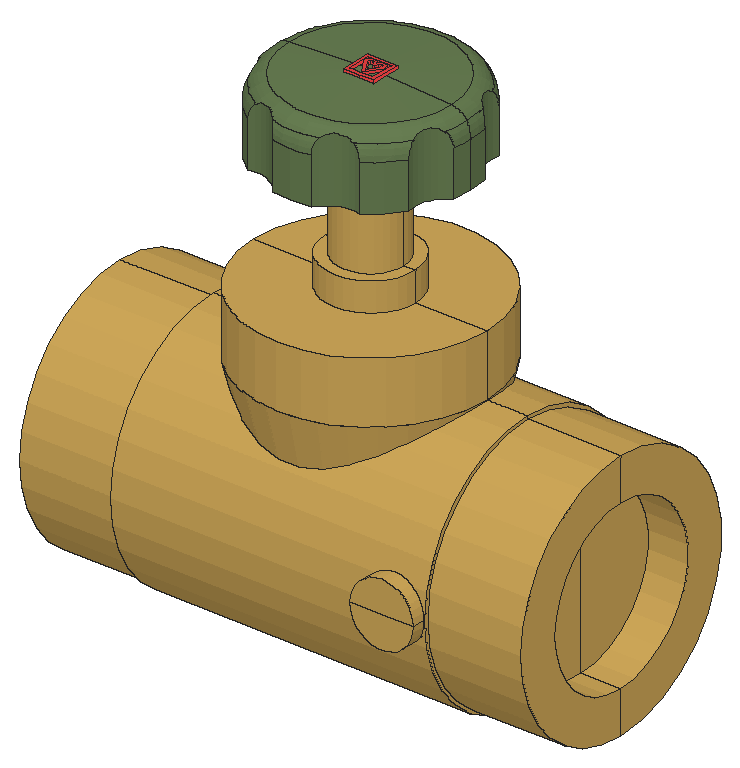
Revit family "HERZ Strömax 4215 W IG-IG", category Rohrzubehör, Revit 2020
Family settings
  Bemaßung runder Anschluss = Durchmesser verwenden
  Teiletyp = Unterbricht
  OmniClass-Nummer = 23.65.55.14
  OmniClass-Titel = Valves for Liquid Services
  Arbeitsebenenbasiert = Nein
  Immer vertikal = Ja
  Beim Laden mit Abzugskörper schneiden = Nein
  Gemeinsam genutzt = Nein
Parameters
  Vorgabe-Ansicht = 0 mm
  URL = "www.herzvalves.com"
  T01 [instance] = size_lookup("4215W_", "T1", 17.5 mm, Nennweite)  # 42 mm
  SC_NennweiteBerechnet = 0
  SC_Dimension = ""
  SCTWSEQ = "FW;SBT_TYP_FW=\"106\";2"
  SCTWCODE = "04;01;02"  # constant formula
  S03 = 60 mm  # constant formula
  S02 [instance] = H01 + H02 + H03  # 93 mm
  S01 [instance] = R01 * 2  # 75 mm
  R08 [instance] = size_lookup("4215W_", "R8", 9.5 mm, Nennweite)  # 9.5 mm
  R07 = 3 mm  # constant formula
  R06 [instance] = size_lookup("4215W_", "R6", 7.8 mm, Nennweite)  # 10 mm
  R05 [instance] = size_lookup("4215W_", "R5", 10.1 mm, Nennweite)  # 13.5 mm
  R04 [instance] = size_lookup("4215W_", "R4", 13.5 mm, Nennweite)  # 35 mm
  R03 [instance] = size_lookup("4215W_", "R3", 15 mm, Nennweite)  # 38.5 mm
  R02 [instance] = Nennweite / 2  # 25 mm
  R01 [instance] = size_lookup("4215W_", "R1", 16 mm, Nennweite)  # 37.5 mm
  Part number [instance] = size_lookup("4215W_", "Artnr", 0, Nennweite)  # 2421546
  Note = "Pursuant to Article 33 of the REACH Regulation (EC No. 1907/2006), we are obliged to point out that the material lead is listed on the SVHC list and that all brass components manufactured in our products exceed 0.1% (w / w) lead (CAS: 7439-92-1 / EINECS: 231-100-4).\r\nSince lead is a component part of an alloy, actual exposure is not possible and therefore no additional information on safe use is necessary."
  Nennweite [instance] = 50 mm
  Min. flow at Dp 10 kPa [instance] = if(Nennweite = 15 mm, 0.2, if(Nennweite = 20 mm, 0.4, if(Nennweite = 25 mm, 0.7, if(Nennweite = 32 mm, 1.2, if(Nennweite = 40 mm, 1.6, if(Nennweite = 50 mm, 2.7, 0))))))  # 2.7
  Medium = "Water"  # constant formula
  Max. operating temperature = 90 °C  # constant formula
  Max. operating pressure = 1000000.0 Pa  # constant formula
  Max. differential pressure on closed seat = 1000000.0 Pa  # constant formula
  L03 [instance] = size_lookup("4215W_", "L3", 15.5 mm, Nennweite)  # 38 mm
  L02 = 12 mm  # constant formula
  L01 [instance] = size_lookup("4215W_", "L1", 16 mm, Nennweite)  # 28 mm
  L00 [instance] = size_lookup("4215W_", "L", 65 mm, Nennweite)  # 150 mm
  Hersteller = "HERZ Armaturen Ges.m.b.H."  # constant formula
  Hand wheel = "plastic, green"  # constant formula
  H04 = 21 mm  # constant formula
  H03 [instance] = size_lookup("4215W_", "H3", 14.6 mm, Nennweite)  # 27.3 mm
  H02 [instance] = size_lookup("4215W_", "H2", 5.4 mm, Nennweite)  # 8.7 mm
  H01 [instance] = size_lookup("4215W_", "H1", 26 mm, Nennweite)  # 57 mm
  H00 [instance] = H01 + H02 + H03  # 93 mm
  O-Rings = "EPDM"  # constant formula
  Body = "DZR brass acc. to EN1982"  # constant formula
  Application = "For shutting off drinking water pipes and systems in buildings."
Reference planes
  plane 1 "Mitte (Vorne/hinten)": y = 0
  plane 2: z = 0
  plane 3 "Mitte (Links/rechts)": x = 0
Forms (mm)
  Revolve 1, solid, material "Messing, weicher Gelbton, geschweißt", detail levels fine
    sketch origin (470, 0, 0) x (1, 0, 0) y (0, 0, 1)
      loop
        line (-545, 25) -> (-533, 25) -> (-533, 0) -> (-407, 0) -> (-407, 25) -> (-395, 25) -> (-395, 37.5) -> (-423, 37.5) -> (-423, 38.5) -> (-517, 38.5) -> (-517, 37.5) -> (-545, 37.5) -> (-545, 25)
      axis (-545, 0) -> (-395, 0)
    angle from 0 to 360
  Revolve 2, solid, material "Messing, weicher Gelbton, geschweißt", detail levels fine
    sketch origin (0, 0, 0) x (1, 0, 0) y (0, 0, 1)
      loop
        line (0, 0) -> (0, 93) -> (-10, 93) -> (-10, 65.7) -> (-13.5, 65.7) -> (-13.5, 57) -> (-35, 57) -> (-35, 38.5) -> (-25, 0) -> (0, 0)
      axis (0, 93) -> (0, 0)
    angle from 0 to 360
  Revolve 3, solid, material "Messing, weicher Gelbton, geschweißt", detail levels fine
    sketch origin (0, 0, 0) x (1, 0, 0) y (0, 1, 0)
      loop
        line (37, -42) -> (46.5, -42) -> (46.5, -25) -> (40, -25) -> (40, 25) -> (46.5, 25) -> (46.5, 42) -> (37, 42) -> (37, -42)
      axis (37, 42) -> (37, -42)
    angle from 0 to 360
Lines and regions (mm)
  model lines, detail levels coarse+medium
    curve 1: line (-75, 0, -37.5) -> (-75, 0, 37.5)
    curve 2: line (-75, 0, 37.5) -> (75, 0, -37.5)
    curve 3: line (75, 0, -37.5) -> (75, 0, 37.5)
    curve 4: line (75, 0, 37.5) -> (-75, 0, -37.5)
    curve 5: line (0, 0, 0) -> (0, 0, 93)
    curve 6: line (-30, 0, 93) -> (30, 0, 93)
    curve 7: line (-75, 37.5, 0) -> (-75, -37.5, 0)
    curve 8: line (-75, -37.5, 0) -> (75, 37.5, 0)
    curve 9: line (75, 37.5, 0) -> (75, -37.5, 0)
    curve 10: line (75, -37.5, 0) -> (-75, 37.5, 0)
    curve 11: line (0, 0, 0) -> (0, 93, 0)
    curve 12: line (-30, 93, 0) -> (30, 93, 0)
Dimensions and locks
  "L00": Revolve 1 sketch curve to Revolve 1 sketch curve
  equal spacing: Revolve 1 sketch curve, plane 3 "Mitte (Links/rechts)", Revolve 1 sketch curve
  "R01": Revolve 1 sketch curve to Revolve 1 sketch curve  (x2)
  "R02": Revolve 1 sketch curve to Revolve 1 sketch curve  (x2)
  "L01": Revolve 1 sketch curve to Revolve 1 sketch curve  (x2)
  "L02": Revolve 1 sketch curve to Revolve 1 sketch curve  (x2)
  "R03": Revolve 1 sketch curve to Revolve 1 sketch curve
  "R03": Revolve 2 sketch curve to Revolve 2 sketch curve
  "R02": Revolve 2 sketch curve to Revolve 2 sketch curve
  "R04": Revolve 2 sketch curve to Revolve 2 sketch curve
  "R05": Revolve 2 sketch curve to Revolve 2 sketch curve
  "R06": Revolve 2 sketch curve to Revolve 2 sketch curve
  "H01": Revolve 2 sketch curve to plane 2
  "T01": Revolve 3 sketch curve to plane 1 "Mitte (Vorne/hinten)" to Revolve 3 sketch curve
  "L03": Revolve 3 sketch curve to Revolve 1
  "R02": Revolve 3 sketch curve to plane 1 "Mitte (Vorne/hinten)"
  "R02": plane 1 "Mitte (Vorne/hinten)" to Revolve 3 sketch curve
  "R07": Revolve 3 sketch curve to Revolve 3 sketch curve
  "R08": Revolve 3 sketch curve to Revolve 3 sketch curve
  "H02": Revolve 2 sketch curve to Revolve 2 sketch curve
  "H03": Revolve 2 sketch curve to Revolve 2 sketch curve
  "H00": nested 1 to plane 2
  "H04": nested 2 to Revolve 2
  equal spacing: curve 3, plane 3 "Mitte (Links/rechts)", curve 1
  "L00": curve 3 to curve 1
  equal spacing: curve 2, plane 2, curve 4
  "S01": curve 2 to curve 4
  equal spacing: curve 4, plane 2, curve 3
  "S01": curve 4 to curve 3
  "S02": curve 5 to plane 2
  equal spacing: curve 6, curve 5, curve 6
  "S03": curve 6 to curve 6
  equal spacing: curve 7, plane 3 "Mitte (Links/rechts)", curve 9
  "L00": curve 7 to curve 9
  equal spacing: curve 10, plane 1 "Mitte (Vorne/hinten)", curve 9
  equal spacing: curve 8, plane 1 "Mitte (Vorne/hinten)", curve 10
  "S01": curve 9 to curve 10
  "S01": curve 10 to curve 8
  equal spacing: curve 12, plane 3 "Mitte (Links/rechts)", curve 12
  "S02": plane 1 "Mitte (Vorne/hinten)" to curve 11
  "S03": curve 12 to curve 12
  aligned and locked: level to plane 2
Automatic sketch dimensions
  curve 5 to level = 0 mm
  plane 1 "Mitte (Vorne/hinten)" to curve 11 = 0 mm
  Revolve 1 sketch curve to level = 0 mm  (x2)
  Revolve 1 sketch curve to Revolve 1 sketch curve = 791.99 mm
  Revolve 1 sketch curve to Revolve 1 sketch curve = 2278.983 mm
  Revolve 2 sketch curve to level = 0 mm
  Revolve 2 sketch curve to plane 3 "Mitte (Links/rechts)" = 0 mm  (x2)
  Revolve 2 sketch curve to level = 366.045 mm
  Revolve 2 sketch curve to Revolve 2 sketch curve = 2165.278 mm
  Revolve 3 sketch curve to Revolve 3 sketch curve = 9.5 mm
  Revolve 3 sketch curve to Revolve 3 sketch curve = 0 mm
  Revolve 3 sketch curve to Revolve 3 sketch curve = 4.553 mm
  Revolve 3 sketch curve to Revolve 3 sketch curve = 3.768 mm
Nested families
  nested 1: "Strömax-Handrad (Grün)" at (0, 0, 93), type "Strömax-Handrad (Grün)", detail levels fine
    with Nennweite 0 mm, Gewicht 0.00 kg, Bestellnummer 0
  nested 2: "Herz-Logo" at (0, 0, 114), type "Herz-Logo", detail levels fine
Connectors
  piping at (-63, 0, 0), diameter 50, driven by "Nennweite"
    settings: on Revolve 1, index 1, connector inside diameter 609.6 mm, connector length 0 mm, flow factor 0, pipe flow 0.0 L/s, pressure drop 0.0 Pa, fitting loss kfactor 0, connector angle 0.00°, fixture units 0, engagement length 0 mm, angle of deflection 0.00°, flow configuration 0, flow direction 1, fitting loss method 0, system type 29, joint type 0, gender type 0, connector reference index -1, connector utility 0, adjustable connector no, is connector primary yes, connector description ""
  piping at (63, 0, 0), diameter 50, driven by "Nennweite"
    settings: on Revolve 1, index 2, connector inside diameter 609.6 mm, connector length 0 mm, flow factor 0, pipe flow 0.0 L/s, pressure drop 0.0 Pa, fitting loss kfactor 0, connector angle 0.00°, fixture units 0, engagement length 0 mm, angle of deflection 0.00°, flow configuration 0, flow direction 2, fitting loss method 0, system type 29, joint type 0, gender type 0, connector reference index -1, connector utility 0, adjustable connector no, is connector primary no, connector description ""
Definition of nested family "Strömax-Handrad (Grün)"
  Parameters (values of type "Strömax-Handrad (Grün)")
    Default Elevation = 0 mm
    URL = "www.herz-armaturen.at"
    Nennweite [instance] = 0 mm
    Manufacturer = "Herz Armaturen GmbH"  # constant formula
    Gewicht [instance] = 0.00 kg
    Bestellnummer [instance] = 0
  Reference planes
    plane 1 "Mitte (Vorne/hinten)": y = 0
    plane 2: z = 0
    plane 3 "Mitte (Links/rechts)": x = 0
  Forms (mm)
    Revolve 1, solid
      sketch origin (0, 0, 0) x (1, 0, 0) y (0, 0, 1)
        loop
          line (0, 0) -> (0, 22)
          arc (0, 22) -> (-12.15, 21.705) -> (-24.271, 20.819) r 250
          arc (-24.271, 20.819) -> (-26.831, 19.959) -> (-28.754, 18.063) r 6
          arc (-28.754, 18.063) -> (-29.682, 16.008) -> (-30, 13.776) r 8
          line (-30, 13.776) -> (-30, 0) -> (0, 0)
        axis (0, 22) -> (0, 0)
      angle from 0 to 360
    Extrusion 2, void
      sketch origin (0, 0, 0) x (1, 0, 0) y (0, 1, 0)
        loop
          circle (14.351, -34.645) r 10
      from 0 to 22
    Extrusion 3, void
      sketch origin (0, 0, 0) x (-1, 0, 0) y (0, -1, 0)
        loop
          circle (14.351, 34.645) r 10
      from 0 to 22
    Extrusion 4, void
      sketch origin (0, 0, 0) x (0, -1, 0) y (1, 0, 0)
        loop
          circle (14.351, 34.645) r 10
      from 0 to 22
    Extrusion 5, void
      sketch origin (0, 0, 0) x (0, 1, 0) y (-1, 0, 0)
        loop
          circle (14.351, -34.645) r 10
      from 0 to 22
    Extrusion 6, void
      sketch origin (0, 0, 0) x (0, -1, 0) y (1, 0, 0)
        loop
          circle (14.351, -34.645) r 10
      from 0 to 22
    Extrusion 7, void
      sketch origin (0, 0, 0) x (0, 1, 0) y (-1, 0, 0)
        loop
          circle (14.351, 34.645) r 10
      from 0 to 22
    Extrusion 8, void
      sketch origin (0, 0, 0) x (1, 0, 0) y (0, 1, 0)
        loop
          circle (14.351, 34.645) r 10
      from 0 to 22
    Extrusion 9, void
      sketch origin (0, 0, 0) x (-1, 0, 0) y (0, -1, 0)
        loop
          circle (14.351, -34.645) r 10
      from 0 to 22
  Cuts and joins
    Extrusion 2, Extrusion 3, Extrusion 4, Extrusion 5, Extrusion 6, Extrusion 7, Extrusion 8, Extrusion 9 cuts Revolve 1
  Dimensions and locks
    aligned and locked: level to plane 2
Definition of nested family "Herz-Logo"
  Parameters (values of type "Herz-Logo")
    Default Elevation = 0 mm
  Reference planes
    plane 1 "Mitte (Vorne/hinten)": y = 0
    plane 2: z = 0
    plane 3 "Mitte (Links/rechts)": x = 0
  Forms (mm)
    Extrusion 1, solid
      sketch origin (0, 0, 0) x (1, 0, 0) y (0, 1, 0)
        loop
          line (-0.018, -4.517) -> (4.482, -4.517) -> (4.482, 4.483) -> (-4.518, 4.483) -> (-4.518, -4.517) -> (-0.018, -4.517)
        loop
          line (-0.05, -3.48) -> (3.482, -3.48) -> (3.482, 3.483) -> (-3.518, 3.483) -> (-3.518, -3.48) -> (-0.05, -3.48)
        loop
          arc (-0.018, 2.383) -> (-1.543, 3.287) -> (-3.067, 2.383) r 1.738
          arc (-3.067, 2.383) -> (-3.191, 1.899) -> (-3.067, 1.415) r 1.009
          line (-3.067, 1.415) -> (-0.018, -3.281) -> (3.032, 1.415)
          arc (3.032, 1.415) -> (3.156, 1.899) -> (3.032, 2.383) r 1.009
          arc (3.032, 2.383) -> (1.507, 3.287) -> (-0.018, 2.383) r 1.738
        loop
          arc (1.885, 1.272) -> (2.005, 1.675) -> (1.885, 2.079) r 0.74
          arc (1.885, 2.079) -> (1.265, 2.416) -> (0.644, 2.079) r 0.74
          line (0.644, 2.079) -> (-0.018, 0.97) -> (-0.679, 2.079)
          arc (-0.679, 2.079) -> (-1.3, 2.416) -> (-1.921, 2.079) r 0.74
          arc (-1.921, 2.079) -> (-2.04, 1.675) -> (-1.921, 1.272) r 0.74
          line (-1.921, 1.272) -> (-0.018, -1.658) -> (1.885, 1.272)
      from 0 to 1.5
  Dimensions and locks
    aligned and locked: level to plane 2
